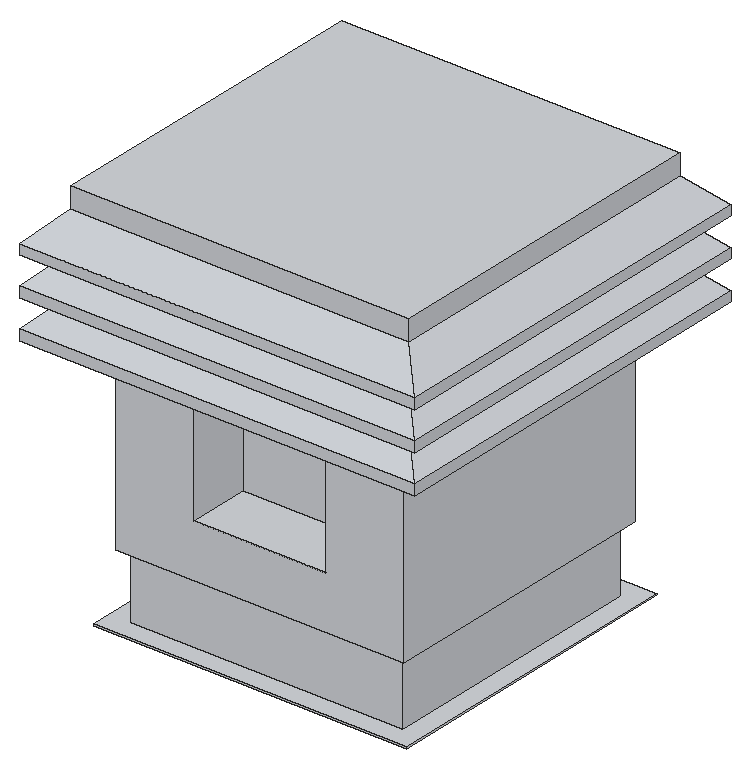
Revit family "ASP-T_SIDE", category Mechanical Equipment, Revit 2019
Family settings
  Round Connector Dimension = Use Diameter
  Part Type = Normal
  Work Plane-Based = No
  Always vertical = Yes
  Cut with Voids When Loaded = No
  Shared = No
  Room Calculation Point = No
Parameters (values of type "100_ASP-T_SIDE")
  W/2 = W / 2  # 0' - 6 7/16"
  W = 1' - 0 7/8"
  Unit Weight [instance] = ""
  T_SQ/2 = T_SQ / 2  # 1' - 2 1/16"
  T_SQ = 2' - 4 1/8"
  Sones [instance] = ""
  R_O/2 = R_O / 2  # 0' - 11 3/4"
  R_O = 1' - 11 1/2"
  Motor RPM [instance] = ""
  Motor Enclosure [instance] = ""
  ModelID [instance] = ""
  LwA [instance] = ""
  H/2 = H / 2  # 0' - 5 5/8"
  H = 0' - 11 1/4"
  Fan RPM [instance] = ""
  F = 0' - 3"
  E = 0' - 8 7/16"
  D = 0' - 5 1/4"
  CURB_HEIGHT [instance] = 0' - 9 1/2"
  CURB [instance] = yes
  C/2 = C / 2  # 0' - 6 5/8"
  C = 1' - 1 1/4"
  Brake Hp [instance] = ""
  B/2 = B / 2  # 1' - 4"
  B-C = B - C  # 1' - 6 3/4"
  B = 2' - 8"
  Accessories [instance] = ""
  A/2 = A / 2  # 1' - 7 1/4"
  A = 3' - 2 1/2"
  4" = 0' - 4"  # constant formula
  2' = 2' - 0"
  2" = 0' - 2"  # constant formula
  1" = 0' - 1"  # constant formula
  0 = 0' - 0"  # constant formula
  Voltage [instance] = 0 V
  URL = "www.lorencook.com"
  Type Comments = "Air Supply Package Forward Curve Belt Drive Tiered Side Discharge Roof Mounted"  # constant formula
  Static Pressure [instance] = 0.00 in-wg
  Power [instance] = Voltage * Motor FLA * sqrt(if(Phase = 3, 3, 1))  # 0 VA
  Phase [instance] = 0
  Number of Poles [instance] = 1
  Motor Hp [instance] = "0"
  Motor FLA [instance] = 0 A
  Model = "ASP-T SIDE"  # constant formula
  Manufacturer = "Loren Cook Company"
  CFM [instance] = 0 CFM
  1.5 = 0' - 1 1/2"  # constant formula
  ONE EIGTH = 0' - 0 1/8"  # constant formula
  -A = -A  # -3' - 2 1/2"
  -(C/2) = -(C / 2)  # -0' - 6 5/8"
  -(A/2) = -(A / 2)  # -1' - 7 1/4"
  (C-5")/3 = (C - 0' 5") / 3  # 0' - 2 3/4"
Types (7): name | W/2 | W | T_SQ/2 | T_SQ | R_O/2 | R_O | H/2 | H | E | D | C/2 | C | B/2 | B-C | B | A/2 | A | -A | -(C/2) | -(A/2) | (C-5")/3
  (no name) | 0' - 6 7/16" | 1' - 0 7/8" | 1' - 2 1/16" | 2' - 4 1/8" | 0' - 11 3/4" | 1' - 11 1/2" | 0' - 5 5/8" | 0' - 11 1/4" | 0' - 8 7/16" | 0' - 5 1/4" | 0' - 6 5/8" | 1' - 1 1/4" | 1' - 4" | 1' - 6 3/4" | 2' - 8" | 1' - 7 1/4" | 3' - 2 1/2" | -3' - 2 1/2" | -0' - 6 5/8" | -1' - 7 1/4" | 0' - 2 3/4"
  90_ASP-T_SIDE | 0' - 5 25/32" | 0' - 11 9/16" | 1' - 0 1/16" | 2' - 0 1/8" | 0' - 9 3/4" | 1' - 7 1/2" | 0' - 5 1/16" | 0' - 10 1/8" | 0' - 7" | 0' - 5 1/4" | 0' - 6 5/8" | 1' - 1 1/4" | 1' - 3 1/8" | 1' - 5" | 2' - 6 1/4" | 1' - 4 9/16" | 2' - 9 1/8" | -2' - 9 1/8" | -0' - 6 5/8" | -1' - 4 9/16" | 0' - 2 3/4"
  100_ASP-T_SIDE | 0' - 6 7/16" | 1' - 0 7/8" | 1' - 2 1/16" | 2' - 4 1/8" | 0' - 11 3/4" | 1' - 11 1/2" | 0' - 5 5/8" | 0' - 11 1/4" | 0' - 8 7/16" | 0' - 5 1/4" | 0' - 6 5/8" | 1' - 1 1/4" | 1' - 4" | 1' - 6 3/4" | 2' - 8" | 1' - 7 1/4" | 3' - 2 1/2" | -3' - 2 1/2" | -0' - 6 5/8" | -1' - 7 1/4" | 0' - 2 3/4"
  120_ASP-T_SIDE | 0' - 7 11/16" | 1' - 3 3/8" | 1' - 4 1/16" | 2' - 8 1/8" | 1' - 1 3/4" | 2' - 3 1/2" | 0' - 6 21/32" | 1' - 1 5/16" | 0' - 8 3/4" | 0' - 5 1/4" | 0' - 8 3/8" | 1' - 4 3/4" | 1' - 6 3/4" | 1' - 8 3/4" | 3' - 1 1/2" | 1' - 9 1/4" | 3' - 6 1/2" | -3' - 6 1/2" | -0' - 8 3/8" | -1' - 9 1/4" | 0' - 3.91667"
  150_ASP-T_SIDE | 0' - 9 3/16" | 1' - 6 3/8" | 1' - 4 1/16" | 2' - 8 1/8" | 1' - 1 3/4" | 2' - 3 1/2" | 0' - 7 7/8" | 1' - 3 3/4" | 0' - 6 5/16" | 0' - 5 1/4" | 0' - 8 3/8" | 1' - 4 3/4" | 1' - 8" | 1' - 11 1/4" | 3' - 4" | 1' - 10 7/8" | 3' - 9 3/4" | -3' - 9 3/4" | -0' - 8 3/8" | -1' - 10 7/8" | 0' - 3.91667"
  180_ASP-T_SIDE | 0' - 10 13/16" | 1' - 9 5/8" | 1' - 6 1/16" | 3' - 0 1/8" | 1' - 3 3/4" | 2' - 7 1/2" | 0' - 9 3/8" | 1' - 6 3/4" | 0' - 5 5/16" | 0' - 5 1/4" | 1' - 1 5/8" | 2' - 3 1/4" | 2' - 2 3/4" | 2' - 2 1/4" | 4' - 5 1/2" | 2' - 3 7/8" | 4' - 7 3/4" | -4' - 7 3/4" | -1' - 1 5/8" | -2' - 3 7/8" | 0' - 7.41667"
  200_ASP-T_SIDE | 1' - 0 3/8" | 2' - 0 3/4" | 2' - 0 1/16" | 4' - 0 1/8" | 1' - 9 3/4" | 3' - 7 1/2" | 1' - 0 7/16" | 2' - 0 7/8" | 0' - 10 5/8" | 0' - 5 3/4" | 1' - 3 3/8" | 2' - 6 3/4" | 2' - 6 7/8" | 2' - 7" | 5' - 1 3/4" | 2' - 10" | 5' - 8" | -5' - 8" | -1' - 3 3/8" | -2' - 10" | 0' - 8.58333"
Reference planes (in)
  plane 1 "Center (Front/Back)": y = 0
  plane 2: z = 0
  plane 3 "Center (Left/Right)": x = 0.40541
Forms (in)
  Extrusion 1, solid
    sketch origin (0, 0, 0) x (1, 0, 0) y (0, 1, 0)
      loop
        line (-13.65709, 14.0625) -> (-13.65709, -14.0625) -> (14.46791, -14.0625) -> (14.46791, 14.0625) -> (-13.65709, 14.0625)
    from 0 to 18.75 <- "B-C"
  Extrusion 2, void
    sketch origin (0, 0, 0) x (1, 0, 0) y (0, 1, 0)
      loop
        line (-13.53209, 13.9375) -> (-13.53209, -13.9375) -> (14.34291, -13.9375) -> (14.34291, 13.9375) -> (-13.53209, 13.9375)
    from 0 to 3
  Extrusion 3, solid
    sketch origin (0, 0, 18.75) x (1, 0, 0) y (0, 1, 0)
      loop
        line (-18.84459, 19.25) -> (-18.84459, -19.25) -> (19.65541, -19.25) -> (19.65541, 19.25) -> (-18.84459, 19.25)
    from 0 to 13.25 <- "C"
  Extrusion 4, void
    sketch origin (14.46791, -14.0625, 0) x (1, 0, 0) y (0, 0, -1)
      loop
        line (-20.5, -16.5) -> (-7.625, -16.5) -> (-7.625, -5.25) -> (-20.5, -5.25) -> (-20.5, -16.5)
    from 0 to 6
  Extrusion 5, void
    sketch origin (19.65541, -19.25, 18.75) x (1, 0, 0) y (0, 0, -1)
      loop
        line (-38.5, -1) -> (-38.5, -3.75) -> (-35.75, -3.75) -> (-38.5, -1)
      loop
        line (-38.5, -4.75) -> (-38.5, -7.5) -> (-35.75, -7.5) -> (-38.5, -4.75)
      loop
        line (-38.5, -8.5) -> (-38.5, -13.25) -> (-35.75, -13.25) -> (-35.75, -11.25) -> (-38.5, -8.5)
      loop
        line (0, -1) -> (-2.75, -3.75) -> (0, -3.75) -> (0, -1)
      loop
        line (0, -4.75) -> (-2.75, -7.5) -> (0, -7.5) -> (0, -4.75)
      loop
        line (0, -8.5) -> (-2.75, -11.25) -> (-2.75, -13.25) -> (0, -13.25) -> (0, -8.5)
    from 0 <- "0" to 38.5 <- "A"
  Extrusion 6, void
    sketch origin (28.28041, 27.875, 26.25) x (0, 1, 0) y (0, 0, -1)
      loop
        line (-47.125, 6.5) -> (-47.125, 3.75) -> (-44.375, 3.75) -> (-47.125, 6.5)
      loop
        line (-47.125, 2.75) -> (-47.125, 0) -> (-44.375, 0) -> (-47.125, 2.75)
      loop
        line (-47.125, -1) -> (-47.125, -5.75) -> (-44.375, -5.75) -> (-44.375, -3.75) -> (-47.125, -1)
      loop
        line (-8.625, 6.5) -> (-11.375, 3.75) -> (-8.625, 3.75) -> (-8.625, 6.5)
      loop
        line (-8.625, 2.75) -> (-11.375, 0) -> (-8.625, 0) -> (-8.625, 2.75)
      loop
        line (-8.625, -5.75) -> (-8.625, -1) -> (-11.375, -3.75) -> (-11.375, -5.75) -> (-8.625, -5.75)
    from 120 to -120
  Extrusion 7, solid, visible <- "CURB"
    sketch origin (0, 0, 3) x (0, 1, 0) y (1, 0, 0)
      loop
        line (-11.75, -11.34459) -> (11.75, -11.34459) -> (11.75, 12.15541) -> (-11.75, 12.15541) -> (-11.75, -11.34459)
      loop
        line (13.25, 13.65541) -> (-13.25, 13.65541) -> (-13.25, -12.84459) -> (13.25, -12.84459) -> (13.25, 13.65541)
    from 0 to 9.5 <- "CURB_HEIGHT"
  Extrusion 8, solid, visible <- "CURB"
    sketch origin (0, 0, -6.5) x (-1, 0, 0) y (0, 1, 0)
      loop
        line (12.84459, -13.25) -> (12.84459, 13.25) -> (-13.65541, 13.25) -> (-13.65541, -13.25) -> (12.84459, -13.25)
      loop
        line (-15.65541, 15.25) -> (-15.65541, -15.25) -> (14.84459, -15.25) -> (14.84459, 15.25) -> (-15.65541, 15.25)
    from 0 to -0.125
Cuts and joins
  Extrusion 2, Extrusion 4 cuts Extrusion 1
  Extrusion 4, Extrusion 5, Extrusion 6 cuts Extrusion 3
Dimensions and locks (in)
  "T_SQ/2": Extrusion 1 sketch curve to plane 3 "Center (Left/Right)"
  "T_SQ": Extrusion 1 sketch curve to Extrusion 1 sketch curve  (x2)
  "T_SQ/2": plane 1 "Center (Front/Back)" to Extrusion 1 sketch curve
  "ONE EIGTH": Extrusion 1 to Extrusion 2 sketch curve  (x2)
  "ONE EIGTH": Extrusion 2 sketch curve to Extrusion 1  (x2)
  "A": Extrusion 3 sketch curve to Extrusion 3 sketch curve  (x2)
  "A/2": plane 3 "Center (Left/Right)" to Extrusion 3 sketch curve
  "A/2": plane 1 "Center (Front/Back)" to Extrusion 3 sketch curve
  "W/2": plane 3 "Center (Left/Right)" to Extrusion 4 sketch curve
  "W": Extrusion 4 sketch curve to Extrusion 4 sketch curve
  "H": Extrusion 4 sketch curve to Extrusion 4 sketch curve
  "D": Extrusion 4 sketch curve to level
  "1"": Extrusion 5 sketch curve to cut or joined group of Extrusion 3, Extrusion 4, Extrusion 5, Extrusion 6  (x2)
  "1"": Extrusion 5 sketch curve to Extrusion 5 sketch curve  (x4)
  "2"": cut or joined group of Extrusion 3, Extrusion 4, Extrusion 5, Extrusion 6 to Extrusion 5 sketch curve  (x2)
  "0": Extrusion 5 sketch curve to cut or joined group of Extrusion 3, Extrusion 4, Extrusion 5, Extrusion 6  (x7)
  "(C-5")/3": Extrusion 5 sketch curve to cut or joined group of Extrusion 3, Extrusion 4, Extrusion 5, Extrusion 6
  "(C-5")/3": cut or joined group of Extrusion 3, Extrusion 4, Extrusion 5, Extrusion 6 to Extrusion 5 sketch curve  (x5)
  "(C-5")/3": Extrusion 5 sketch curve to Extrusion 5 sketch curve  (x4)
  "1"": Extrusion 6 sketch curve to Extrusion 6 sketch curve  (x3)
  "(C-5")/3": Extrusion 6 sketch curve to Extrusion 6 sketch curve  (x5)
  cut or joined group of Extrusion 3, Extrusion 4, Extrusion 5, Extrusion 6 to Extrusion 6 sketch curve = 0' - 1"  (x2)
  Extrusion 6 sketch curve to cut or joined group of Extrusion 3, Extrusion 4, Extrusion 5, Extrusion 6 = 0' - 0"  (x8)
  "(C-5")/3": cut or joined group of Extrusion 3, Extrusion 4, Extrusion 5, Extrusion 6 to Extrusion 6 sketch curve  (x2)
  "(C-5")/3": Extrusion 6 sketch curve to cut or joined group of Extrusion 3, Extrusion 4, Extrusion 5, Extrusion 6  (x4)
  Extrusion 6 sketch curve to cut or joined group of Extrusion 3, Extrusion 4, Extrusion 5, Extrusion 6 = 0' - 1"
  "1.5": Extrusion 7 sketch curve to Extrusion 7 sketch curve  (x4)
  "R_O/2": Extrusion 7 sketch curve to plane 3 "Center (Left/Right)"
  "R_O/2": plane 3 "Center (Left/Right)" to Extrusion 7 sketch curve
  "R_O/2": Extrusion 7 sketch curve to plane 1 "Center (Front/Back)"  (x2)
  "2"": Extrusion 8 sketch curve to Extrusion 8 sketch curve  (x4)
  "0": Extrusion 7 to Extrusion 8 sketch curve
  "0": Extrusion 8 sketch curve to Extrusion 7  (x3)
Automatic sketch dimensions
  Extrusion 5 sketch curve to Extrusion 3 = 0' - 0"
  Extrusion 6 sketch curve to Extrusion 6 sketch curve = 0' - 2"  (x2)
Connectors (in)
  electrical at (0.40541, 0, 3)
    settings: on cut or joined group of Extrusion 1, Extrusion 2, Extrusion 4, index 1, voltage 0 V, apparent load 0 VA, apparent load phase1 0 VA, apparent load phase2 0 VA, apparent load phase3 0 VA, power factor 1, load classification "Other", number of poles 1, system type 30, power factor state 1, is connector primary yes, connector utility no, sub classification motor no, connector description ""
  hvac at (0.40541, -14.0625, 10.875), driven by "H", driven by "W", driven by "CFM"
    settings: on cut or joined group of Extrusion 1, Extrusion 2, Extrusion 4, index 2, duct flow 0 CFM, flow factor 0, pres drop 0.00 in-wg, loss coef 0, conn angle 0.00°, conn width 12 7/8", conn height 11 1/4", conn diameter 24", duct sys type 1, conn prof type 1, flow config 0, flow direction 2, loss method 0, conn ref index -1, conn util no, is conn primary yes, conn desc ""
